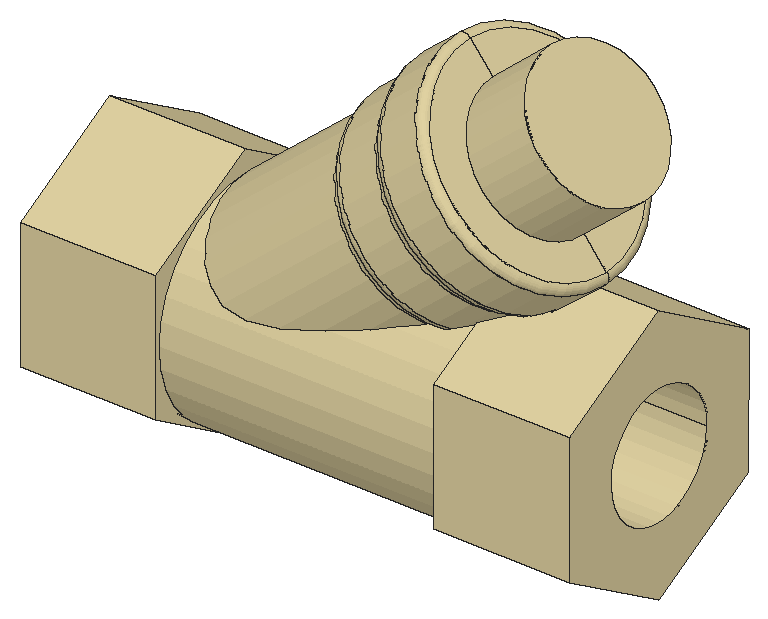
Revit family "DA02220000", category Apparecchi idraulici, Revit 2020
Family settings
  Quota connettore circolare = Usa diametro
  Tipo di parte = Normale
  Numero OmniClass = 23.45.00.00
  Titolo OmniClass = Sanitary, Laundry, and Cleaning Equipment
  Basato su piano di lavoro = No
  Sempre verticale = Sì
  Taglio con vuoti quando caricato = No
  Condiviso = No
  Punto di calcolo locali = No
Parameters
  URL = "https://web.cimberio.com/index.php/figura/1647?subcategoria_id="
  Temperatura di esercizio = "-10 ÷ 150°C"
  Prospetto di default = 0 mm
  Produttore = "CIMBERIO SPA"
  Pressione nominale = "PN 20"
  Modello = "Cim 74ACR/5"
  Materiale = "Prodotto in lega di ottone “CR” – “DZR\" conforme alla norma EN 1982-CC770S"
  Descrizione = "Utilizzato per la filtrazione degli impianti di riscaldamento, idrici, igienico-sanitari, aria compressa e in generale con ogni fluido non corrosivo"
  DN Model [instance] = DA02221015 : DA02221015
  DN [instance] = 15 mm
  Commenti sul tipo = "Realizzato in ottemperanza ai requisiti gestionali della norma EN ISO 9001.\r\nCollaudato al 100% secondo la normativa EN 12266-1"
Reference planes
  plane 1 "Centro (Fronte/Retro)": y = 0
  plane 2: z = 0
  plane 3 "Centro (Sinistra/Destra)": x = 0
Dimensions and locks
  aligned and locked: level to plane 2
Nested families
  nested 1: "DA02221015" at (0, 0, 0), type <- "DN Model", type "DA02221015"
  nested 2: "DA02221015" at (0, 0, 0), type <- "DN Model", type "DA02221015"
  nested 3: "DA02221015" at (0, 0, 0), type <- "DN Model", type "DA02221015"
  nested 4: "DA02221015" at (0, 0, 0), type <- "DN Model", type "DA02221015"
  nested 5: "DA02221015" at (0, 0, 0), type <- "DN Model", type "DA02221015"
  nested 6: "DA02221015" at (0, 0, 0), type <- "DN Model", type "DA02221015"
Connectors
  piping at (34.004, 0, 0), diameter 15, driven by "DN"
    settings: on nested 1, index 1, connector inside diameter 609.6 mm, connector length 0 mm, flow factor 0, pipe flow 0.0 L/s, pressure drop 0.0 Pa, fitting loss kfactor 0, connector angle 0.00°, fixture units 0, engagement length 0 mm, angle of deflection 0.00°, flow configuration 0, flow direction 0, fitting loss method 0, system type 7, joint type 0, gender type 0, connector reference index -1, connector utility 0, adjustable connector no, is connector primary yes, connector description ""
  piping at (-34, 0, 0), diameter 15, driven by "DN"
    settings: on nested 1, index 2, connector inside diameter 609.6 mm, connector length 0 mm, flow factor 0, pipe flow 0.0 L/s, pressure drop 0.0 Pa, fitting loss kfactor 0, connector angle 0.00°, fixture units 0, engagement length 0 mm, angle of deflection 0.00°, flow configuration 0, flow direction 0, fitting loss method 0, system type 7, joint type 0, gender type 0, connector reference index -1, connector utility 0, adjustable connector no, is connector primary no, connector description ""
Definition of nested family "DA02221015"
  Parameters (values of type "DA02221015")
    Default Elevation = 0 mm
  Reference planes
    plane 1 "Centro (Fronte/Retro)": y = 0
    plane 2: z = 0
    plane 3 "Centro (Sinistra/Destra)": x = 0
  Forms (mm)
    Revolve 1, solid
      sketch origin (0, 0, 0) x (1, 0, 0) y (0, 0, 1)
        loop
          line (-19, -13.477) -> (19, -13.477) -> (19, -7.5) -> (-19, -7.5) -> (-19, -13.477)
        axis (-19, 0) -> (19, 0)
      angle from 0 to 360
    Revolve 2, solid
      sketch origin (-1.637, 0, -2.248) x (1, 0, 0) y (0, 0, 1)
        loop
          line (15.91, 36.061) -> (12.302, 40.36)
          arc (12.302, 40.36) -> (11.612, 40.72) -> (10.87, 40.486) r 1.017
          line (10.87, 40.486) -> (6.597, 36.9)
          arc (6.597, 36.9) -> (6.216, 36.404) -> (6.062, 35.799) r 1.559
          arc (6.062, 35.799) -> (5.909, 35.197) -> (5.533, 34.703) r 1.56
          line (5.533, 34.703) -> (1.109, 30.99)
          arc (1.109, 30.99) -> (0.725, 30.497) -> (0.576, 29.89) r 1.493
          arc (0.576, 29.89) -> (0.431, 29.291) -> (0.056, 28.801) r 1.493
          line (0.056, 28.801) -> (-19.963, 12.003) -> (-16.987, 8.457) -> (15.91, 36.061)
        axis (20.731, 30.316) -> (-12.167, 2.712)
      angle from 0 to 360
    Extrusion 3, solid
      sketch origin (0, 0, 0) x (0, 1, 0) y (0, 0, 1)
        loop
          circle (0, 0) r 7.5
        loop
          line (0, 16) -> (-13.856, 8) -> (-13.856, -8) -> (0, -16) -> (13.856, -8) -> (13.856, 8) -> (0, 16)
      from -34 to -17.201
    Extrusion 4, solid
      sketch origin (14.717, 0, 25.904) x (0, 1, 0) y (-0.642788, 0, 0.766044)
        loop
          circle (0, -1.145) r 8.831
      from 4.705 to 14.31
    Extrusion 5, solid
      sketch origin (0, 0, 0) x (0, 1, 0) y (0, 0, -1)
        loop
          circle (0, 0) r 7.5
        loop
          line (0, -16) -> (13.856, -8) -> (13.856, 8) -> (0, 16) -> (-13.856, 8) -> (-13.856, -8) -> (0, -16)
      from -34.004 to -17.201
  Dimensions and locks
    aligned and locked: level to plane 2
